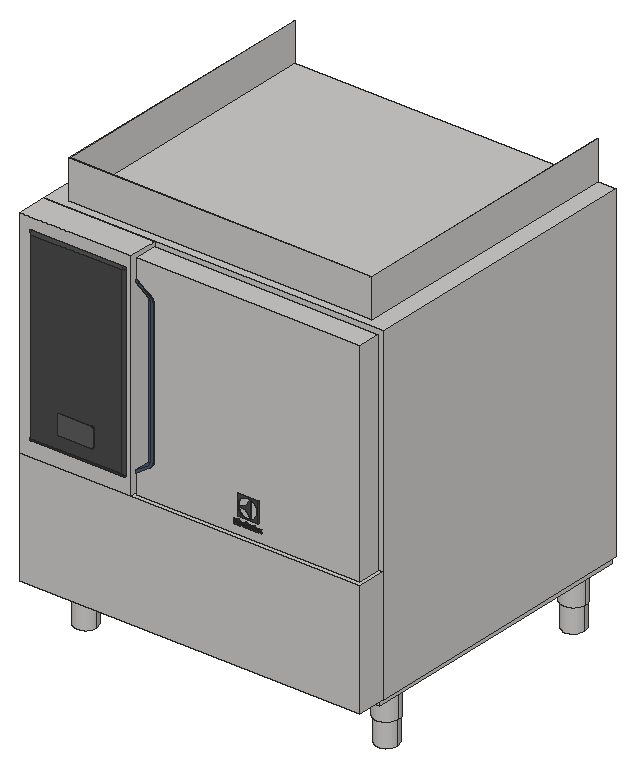
Revit family "QF_ELECTROLUXPROFESSIONAL_725528_EBFA61WET", category Specialty Equipment, Revit 2023 (continued)
Automatic sketch dimensions
  Split face 48 sketch curve to Extrusion 9 = 71.703 mm
  Split face 48 sketch curve to Extrusion 9 = 377.596 mm
  Split face 48 sketch curve to Split face 48 sketch curve = 110.015 mm
  Split face 48 sketch curve to Split face 48 sketch curve = 5.027 mm
  Split face 49 sketch curve to Extrusion 9 = 62.231 mm
  Split face 49 sketch curve to Extrusion 9 = 377.596 mm
  Split face 49 sketch curve to Split face 49 sketch curve = 110.015 mm
  Split face 49 sketch curve to Split face 49 sketch curve = 5.027 mm
  Split face 50 sketch curve to Extrusion 9 = 52.758 mm
  Split face 50 sketch curve to Extrusion 9 = 377.596 mm
  Split face 50 sketch curve to Extrusion 9 = 47.731 mm
  Split face 50 sketch curve to Split face 50 sketch curve = 110.015 mm
  Split face 51 sketch curve to Extrusion 9 = 43.286 mm
  Split face 51 sketch curve to Extrusion 9 = 377.596 mm
  Split face 51 sketch curve to Extrusion 9 = 38.259 mm
  Split face 51 sketch curve to Split face 51 sketch curve = 110.015 mm
  Split face 52 sketch curve to Extrusion 9 = 33.814 mm
  Split face 52 sketch curve to Extrusion 9 = 377.596 mm
  Split face 52 sketch curve to Extrusion 9 = 28.787 mm
  Split face 52 sketch curve to Split face 52 sketch curve = 110.015 mm
  Split face 53 sketch curve to Extrusion 9 = 31.361 mm
  Split face 53 sketch curve to Extrusion 9 = 262.581 mm
  Split face 53 sketch curve to Extrusion 9 = 36.388 mm
  Split face 53 sketch curve to Split face 53 sketch curve = 110.015 mm
  Split face 54 sketch curve to Extrusion 9 = 40.833 mm
  Split face 54 sketch curve to Extrusion 9 = 262.581 mm
  Split face 54 sketch curve to Extrusion 9 = 45.86 mm
  Split face 54 sketch curve to Split face 54 sketch curve = 110.015 mm
  Split face 55 sketch curve to Extrusion 9 = 50.305 mm
  Split face 55 sketch curve to Extrusion 9 = 262.581 mm
  Split face 55 sketch curve to Split face 55 sketch curve = 110.015 mm
  Split face 55 sketch curve to Split face 55 sketch curve = 5.027 mm
  Split face 56 sketch curve to Extrusion 9 = 59.777 mm
  Split face 56 sketch curve to Extrusion 9 = 262.581 mm
  Split face 56 sketch curve to Split face 56 sketch curve = 110.015 mm
  Split face 56 sketch curve to Split face 56 sketch curve = 5.027 mm
  Split face 57 sketch curve to Extrusion 9 = 69.25 mm
  Split face 57 sketch curve to Extrusion 9 = 262.581 mm
  Split face 57 sketch curve to Split face 57 sketch curve = 110.015 mm
  Split face 57 sketch curve to Split face 57 sketch curve = 5.027 mm
  Split face 58 sketch curve to Extrusion 9 = 78.722 mm
  Split face 58 sketch curve to Extrusion 9 = 262.581 mm
  Split face 58 sketch curve to Split face 58 sketch curve = 110.015 mm
  Split face 58 sketch curve to Split face 58 sketch curve = 5.027 mm
  Split face 59 sketch curve to Extrusion 9 = 88.194 mm
  Split face 59 sketch curve to Extrusion 9 = 262.581 mm
  Split face 59 sketch curve to Split face 59 sketch curve = 110.015 mm
  Split face 59 sketch curve to Split face 59 sketch curve = 5.027 mm
  Split face 60 sketch curve to Extrusion 9 = 97.666 mm
  Split face 60 sketch curve to Extrusion 9 = 262.581 mm
  Split face 60 sketch curve to Split face 60 sketch curve = 110.015 mm
  Split face 60 sketch curve to Split face 60 sketch curve = 5.027 mm
  Split face 61 sketch curve to Extrusion 9 = 107.138 mm
  Split face 61 sketch curve to Extrusion 9 = 262.581 mm
  Split face 61 sketch curve to Split face 61 sketch curve = 110.015 mm
  Split face 61 sketch curve to Split face 61 sketch curve = 5.027 mm
  Split face 62 sketch curve to Extrusion 9 = 116.611 mm
  Split face 62 sketch curve to Extrusion 9 = 262.581 mm
  Split face 62 sketch curve to Split face 62 sketch curve = 110.015 mm
  Split face 62 sketch curve to Split face 62 sketch curve = 5.027 mm
  Split face 63 sketch curve to Extrusion 9 = 126.083 mm
  Split face 63 sketch curve to Extrusion 9 = 262.581 mm
  Split face 63 sketch curve to Split face 63 sketch curve = 110.015 mm
  Split face 63 sketch curve to Split face 63 sketch curve = 5.027 mm
  Split face 64 sketch curve to Extrusion 9 = 262.581 mm
  Split face 64 sketch curve to Split face 64 sketch curve = 110.015 mm
  Split face 64 sketch curve to Extrusion 9 = 135.555 mm
  Split face 64 sketch curve to Split face 64 sketch curve = 5.027 mm
  Split face 65 sketch curve to Extrusion 9 = 262.581 mm
  Split face 65 sketch curve to Split face 65 sketch curve = 110.015 mm
  Split face 65 sketch curve to Extrusion 9 = 145.027 mm
  Split face 65 sketch curve to Split face 65 sketch curve = 5.027 mm
  Split face 66 sketch curve to Extrusion 9 = 262.581 mm
  Split face 66 sketch curve to Split face 66 sketch curve = 110.015 mm
  Split face 66 sketch curve to Extrusion 9 = 147.48 mm
  Split face 66 sketch curve to Split face 66 sketch curve = 5.027 mm
  Split face 67 sketch curve to Extrusion 9 = 262.581 mm
  Split face 67 sketch curve to Split face 67 sketch curve = 110.015 mm
  Split face 67 sketch curve to Extrusion 9 = 138.008 mm
  Split face 67 sketch curve to Split face 67 sketch curve = 5.027 mm
  Split face 68 sketch curve to Extrusion 9 = 128.536 mm
  Split face 68 sketch curve to Extrusion 9 = 262.581 mm
  Split face 68 sketch curve to Split face 68 sketch curve = 110.015 mm
  Split face 68 sketch curve to Split face 68 sketch curve = 5.027 mm
  Split face 69 sketch curve to Extrusion 9 = 119.064 mm
  Split face 69 sketch curve to Extrusion 9 = 262.581 mm
  Split face 69 sketch curve to Split face 69 sketch curve = 110.015 mm
  Split face 69 sketch curve to Split face 69 sketch curve = 5.027 mm
  Split face 70 sketch curve to Extrusion 9 = 109.592 mm
  Split face 70 sketch curve to Extrusion 9 = 262.581 mm
  Split face 70 sketch curve to Split face 70 sketch curve = 110.015 mm
  Split face 70 sketch curve to Split face 70 sketch curve = 5.027 mm
  Split face 71 sketch curve to Extrusion 9 = 100.119 mm
  Split face 71 sketch curve to Extrusion 9 = 262.581 mm
  Split face 71 sketch curve to Split face 71 sketch curve = 110.015 mm
  Split face 71 sketch curve to Split face 71 sketch curve = 5.027 mm
  Split face 72 sketch curve to Extrusion 9 = 90.647 mm
  Split face 72 sketch curve to Extrusion 9 = 262.581 mm
  Split face 72 sketch curve to Split face 72 sketch curve = 110.015 mm
  Split face 72 sketch curve to Split face 72 sketch curve = 5.027 mm
  Split face 73 sketch curve to Extrusion 9 = 81.175 mm
  Split face 73 sketch curve to Extrusion 9 = 262.581 mm
  Split face 73 sketch curve to Split face 73 sketch curve = 110.015 mm
  Split face 73 sketch curve to Split face 73 sketch curve = 5.027 mm
  Split face 74 sketch curve to Extrusion 9 = 71.703 mm
  Split face 74 sketch curve to Extrusion 9 = 262.581 mm
  Split face 74 sketch curve to Split face 74 sketch curve = 110.015 mm
  Split face 74 sketch curve to Split face 74 sketch curve = 5.027 mm
  Split face 75 sketch curve to Extrusion 9 = 62.231 mm
  Split face 75 sketch curve to Extrusion 9 = 262.581 mm
  Split face 75 sketch curve to Split face 75 sketch curve = 110.015 mm
  Split face 75 sketch curve to Split face 75 sketch curve = 5.027 mm
  Split face 76 sketch curve to Extrusion 9 = 52.758 mm
  Split face 76 sketch curve to Extrusion 9 = 262.581 mm
  Split face 76 sketch curve to Extrusion 9 = 47.731 mm
  Split face 76 sketch curve to Split face 76 sketch curve = 110.015 mm
  Split face 77 sketch curve to Extrusion 9 = 43.286 mm
  Split face 77 sketch curve to Extrusion 9 = 262.581 mm
  Split face 77 sketch curve to Extrusion 9 = 38.259 mm
  Split face 77 sketch curve to Split face 77 sketch curve = 110.015 mm
  Split face 78 sketch curve to Extrusion 9 = 33.814 mm
  Split face 78 sketch curve to Extrusion 9 = 262.581 mm
  Split face 78 sketch curve to Extrusion 9 = 28.787 mm
  Split face 78 sketch curve to Split face 78 sketch curve = 110.015 mm
  Split face 79 sketch curve to Extrusion 9 = 31.361 mm
  Split face 79 sketch curve to Extrusion 9 = 147.565 mm
  Split face 79 sketch curve to Extrusion 9 = 36.388 mm
  Split face 79 sketch curve to Split face 79 sketch curve = 110.015 mm
  Split face 80 sketch curve to Extrusion 9 = 40.833 mm
  Split face 80 sketch curve to Extrusion 9 = 147.565 mm
  Split face 80 sketch curve to Extrusion 9 = 45.86 mm
  Split face 80 sketch curve to Split face 80 sketch curve = 110.015 mm
  Split face 81 sketch curve to Extrusion 9 = 50.305 mm
  Split face 81 sketch curve to Extrusion 9 = 147.565 mm
  Split face 81 sketch curve to Split face 81 sketch curve = 110.015 mm
  Split face 81 sketch curve to Split face 81 sketch curve = 5.027 mm
  Split face 82 sketch curve to Extrusion 9 = 59.777 mm
  Split face 82 sketch curve to Extrusion 9 = 147.565 mm
  Split face 82 sketch curve to Split face 82 sketch curve = 110.015 mm
  Split face 82 sketch curve to Split face 82 sketch curve = 5.027 mm
  Split face 83 sketch curve to Extrusion 9 = 69.25 mm
  Split face 83 sketch curve to Extrusion 9 = 147.565 mm
  Split face 83 sketch curve to Split face 83 sketch curve = 110.015 mm
  Split face 83 sketch curve to Split face 83 sketch curve = 5.027 mm
  Split face 84 sketch curve to Extrusion 9 = 147.565 mm
  Split face 84 sketch curve to Split face 84 sketch curve = 110.015 mm
  Split face 84 sketch curve to Extrusion 9 = 78.722 mm
  Split face 84 sketch curve to Split face 84 sketch curve = 5.027 mm
  Split face 85 sketch curve to Extrusion 9 = 147.565 mm
  Split face 85 sketch curve to Split face 85 sketch curve = 110.015 mm
  Split face 85 sketch curve to Extrusion 9 = 88.194 mm
  Split face 85 sketch curve to Split face 85 sketch curve = 5.027 mm
  Split face 86 sketch curve to Extrusion 9 = 147.565 mm
  Split face 86 sketch curve to Split face 86 sketch curve = 110.015 mm
  Split face 86 sketch curve to Extrusion 9 = 97.666 mm
  Split face 86 sketch curve to Split face 86 sketch curve = 5.027 mm
  Split face 87 sketch curve to Extrusion 9 = 147.565 mm
  Split face 87 sketch curve to Split face 87 sketch curve = 110.015 mm
  Split face 87 sketch curve to Extrusion 9 = 107.138 mm
  Split face 87 sketch curve to Split face 87 sketch curve = 5.027 mm
  Split face 88 sketch curve to Extrusion 9 = 147.565 mm
  Split face 88 sketch curve to Split face 88 sketch curve = 110.015 mm
  Split face 88 sketch curve to Extrusion 9 = 116.611 mm
  Split face 88 sketch curve to Split face 88 sketch curve = 5.027 mm
  Split face 89 sketch curve to Extrusion 9 = 147.565 mm
  Split face 89 sketch curve to Split face 89 sketch curve = 110.015 mm
  Split face 89 sketch curve to Extrusion 9 = 126.083 mm
  Split face 89 sketch curve to Split face 89 sketch curve = 5.027 mm
  Split face 90 sketch curve to Extrusion 9 = 147.565 mm
  Split face 90 sketch curve to Split face 90 sketch curve = 110.015 mm
  Split face 90 sketch curve to Extrusion 9 = 135.555 mm
  Split face 90 sketch curve to Split face 90 sketch curve = 5.027 mm
  Split face 91 sketch curve to Extrusion 9 = 147.565 mm
  Split face 91 sketch curve to Split face 91 sketch curve = 110.015 mm
  Split face 91 sketch curve to Extrusion 9 = 145.027 mm
  Split face 91 sketch curve to Split face 91 sketch curve = 5.027 mm
  Split face 92 sketch curve to Extrusion 9 = 147.565 mm
  Split face 92 sketch curve to Split face 92 sketch curve = 110.015 mm
  Split face 92 sketch curve to Extrusion 9 = 147.48 mm
  Split face 92 sketch curve to Split face 92 sketch curve = 5.027 mm
  Split face 93 sketch curve to Extrusion 9 = 147.565 mm
  Split face 93 sketch curve to Split face 93 sketch curve = 110.015 mm
  Split face 93 sketch curve to Extrusion 9 = 138.008 mm
  Split face 93 sketch curve to Split face 93 sketch curve = 5.027 mm
  Split face 94 sketch curve to Extrusion 9 = 147.565 mm
  Split face 94 sketch curve to Split face 94 sketch curve = 110.015 mm
  Split face 94 sketch curve to Extrusion 9 = 128.536 mm
  Split face 94 sketch curve to Split face 94 sketch curve = 5.027 mm
  Split face 95 sketch curve to Extrusion 9 = 147.565 mm
  Split face 95 sketch curve to Split face 95 sketch curve = 110.015 mm
  Split face 95 sketch curve to Extrusion 9 = 119.064 mm
  Split face 95 sketch curve to Split face 95 sketch curve = 5.027 mm
  Split face 96 sketch curve to Extrusion 9 = 147.565 mm
  Split face 96 sketch curve to Split face 96 sketch curve = 110.015 mm
  Split face 96 sketch curve to Extrusion 9 = 109.592 mm
  Split face 96 sketch curve to Split face 96 sketch curve = 5.027 mm
  Split face 97 sketch curve to Extrusion 9 = 147.565 mm
  Split face 97 sketch curve to Split face 97 sketch curve = 110.015 mm
  Split face 97 sketch curve to Extrusion 9 = 100.119 mm
  Split face 97 sketch curve to Split face 97 sketch curve = 5.027 mm
  Split face 98 sketch curve to Extrusion 9 = 147.565 mm
  Split face 98 sketch curve to Split face 98 sketch curve = 110.015 mm
  Split face 98 sketch curve to Extrusion 9 = 90.647 mm
  Split face 98 sketch curve to Split face 98 sketch curve = 5.027 mm
  Split face 99 sketch curve to Extrusion 9 = 147.565 mm
  Split face 99 sketch curve to Split face 99 sketch curve = 110.015 mm
  Split face 99 sketch curve to Extrusion 9 = 81.175 mm
  Split face 99 sketch curve to Split face 99 sketch curve = 5.027 mm
  Split face 100 sketch curve to Extrusion 9 = 71.703 mm
  Split face 100 sketch curve to Extrusion 9 = 147.565 mm
  Split face 100 sketch curve to Split face 100 sketch curve = 110.015 mm
  Split face 100 sketch curve to Split face 100 sketch curve = 5.027 mm
  Split face 101 sketch curve to Extrusion 9 = 62.231 mm
  Split face 101 sketch curve to Extrusion 9 = 147.565 mm
  Split face 101 sketch curve to Split face 101 sketch curve = 110.015 mm
  Split face 101 sketch curve to Split face 101 sketch curve = 5.027 mm
  Split face 102 sketch curve to Extrusion 9 = 52.758 mm
  Split face 102 sketch curve to Extrusion 9 = 147.565 mm
  Split face 102 sketch curve to Extrusion 9 = 47.731 mm
  Split face 102 sketch curve to Split face 102 sketch curve = 110.015 mm
  Split face 103 sketch curve to Extrusion 9 = 43.286 mm
  Split face 103 sketch curve to Extrusion 9 = 147.565 mm
  Split face 103 sketch curve to Extrusion 9 = 38.259 mm
  Split face 103 sketch curve to Split face 103 sketch curve = 110.015 mm
  Split face 104 sketch curve to Extrusion 9 = 33.814 mm
  Split face 104 sketch curve to Extrusion 9 = 147.565 mm
  Split face 104 sketch curve to Extrusion 9 = 28.787 mm
  Split face 104 sketch curve to Split face 104 sketch curve = 110.015 mm
  Split face 105 sketch curve to Extrusion 9 = 32.55 mm
  Split face 105 sketch curve to Extrusion 9 = 36.388 mm
  Split face 105 sketch curve to Split face 105 sketch curve = 110.015 mm
  Split face 105 sketch curve to Split face 105 sketch curve = 5.027 mm
  Split face 106 sketch curve to Extrusion 9 = 32.55 mm
  Split face 106 sketch curve to Extrusion 9 = 45.86 mm
  Split face 106 sketch curve to Split face 106 sketch curve = 110.015 mm
  Split face 106 sketch curve to Split face 106 sketch curve = 5.027 mm
  Split face 107 sketch curve to Extrusion 9 = 32.55 mm
  Split face 107 sketch curve to Split face 107 sketch curve = 110.015 mm
  Split face 107 sketch curve to Extrusion 9 = 50.305 mm
  Split face 107 sketch curve to Split face 107 sketch curve = 5.027 mm
  Split face 108 sketch curve to Extrusion 9 = 32.55 mm
  Split face 108 sketch curve to Split face 108 sketch curve = 110.015 mm
  Split face 108 sketch curve to Extrusion 9 = 59.777 mm
  Split face 108 sketch curve to Split face 108 sketch curve = 5.027 mm
  Split face 109 sketch curve to Extrusion 9 = 32.55 mm
  Split face 109 sketch curve to Split face 109 sketch curve = 110.015 mm
  Split face 109 sketch curve to Extrusion 9 = 69.25 mm
  Split face 109 sketch curve to Split face 109 sketch curve = 5.027 mm
  Split face 110 sketch curve to Extrusion 9 = 32.55 mm
  Split face 110 sketch curve to Split face 110 sketch curve = 110.015 mm
  Split face 110 sketch curve to Extrusion 9 = 78.722 mm
  Split face 110 sketch curve to Split face 110 sketch curve = 5.027 mm
  Split face 111 sketch curve to Extrusion 9 = 32.55 mm
  Split face 111 sketch curve to Split face 111 sketch curve = 110.015 mm
  Split face 111 sketch curve to Extrusion 9 = 88.194 mm
  Split face 111 sketch curve to Split face 111 sketch curve = 5.027 mm
  Split face 112 sketch curve to Extrusion 9 = 32.55 mm
  Split face 112 sketch curve to Split face 112 sketch curve = 110.015 mm
  Split face 112 sketch curve to Extrusion 9 = 97.666 mm
  Split face 112 sketch curve to Split face 112 sketch curve = 5.027 mm
  Split face 113 sketch curve to Extrusion 9 = 32.55 mm
  Split face 113 sketch curve to Split face 113 sketch curve = 110.015 mm
  Split face 113 sketch curve to Extrusion 9 = 107.138 mm
  Split face 113 sketch curve to Split face 113 sketch curve = 5.027 mm
  Split face 114 sketch curve to Extrusion 9 = 32.55 mm
  Split face 114 sketch curve to Split face 114 sketch curve = 110.015 mm
  Split face 114 sketch curve to Extrusion 9 = 116.611 mm
  Split face 114 sketch curve to Split face 114 sketch curve = 5.027 mm
  Split face 115 sketch curve to Extrusion 9 = 32.55 mm
  Split face 115 sketch curve to Split face 115 sketch curve = 110.015 mm
  Split face 115 sketch curve to Extrusion 9 = 126.083 mm
  Split face 115 sketch curve to Split face 115 sketch curve = 5.027 mm
  Split face 116 sketch curve to Extrusion 9 = 32.55 mm
  Split face 116 sketch curve to Split face 116 sketch curve = 110.015 mm
  Split face 116 sketch curve to Extrusion 9 = 135.555 mm
  Split face 116 sketch curve to Split face 116 sketch curve = 5.027 mm
  Split face 117 sketch curve to Extrusion 9 = 32.55 mm
  Split face 117 sketch curve to Split face 117 sketch curve = 110.015 mm
  Split face 117 sketch curve to Extrusion 9 = 145.027 mm
  Split face 117 sketch curve to Split face 117 sketch curve = 5.027 mm
  Split face 118 sketch curve to Extrusion 9 = 32.55 mm
  Split face 118 sketch curve to Split face 118 sketch curve = 110.015 mm
  Split face 118 sketch curve to Extrusion 9 = 147.48 mm
  Split face 118 sketch curve to Split face 118 sketch curve = 5.027 mm
  Split face 119 sketch curve to Extrusion 9 = 32.55 mm
  Split face 119 sketch curve to Split face 119 sketch curve = 110.015 mm
  Split face 119 sketch curve to Extrusion 9 = 138.008 mm
  Split face 119 sketch curve to Split face 119 sketch curve = 5.027 mm
  Split face 120 sketch curve to Extrusion 9 = 32.55 mm
  Split face 120 sketch curve to Split face 120 sketch curve = 110.015 mm
  Split face 120 sketch curve to Extrusion 9 = 128.536 mm
  Split face 120 sketch curve to Split face 120 sketch curve = 5.027 mm
  Split face 121 sketch curve to Extrusion 9 = 32.55 mm
  Split face 121 sketch curve to Split face 121 sketch curve = 110.015 mm
  Split face 121 sketch curve to Extrusion 9 = 119.064 mm
  Split face 121 sketch curve to Split face 121 sketch curve = 5.027 mm
  Split face 122 sketch curve to Extrusion 9 = 32.55 mm
  Split face 122 sketch curve to Split face 122 sketch curve = 110.015 mm
  Split face 122 sketch curve to Extrusion 9 = 109.592 mm
  Split face 122 sketch curve to Split face 122 sketch curve = 5.027 mm
  Split face 123 sketch curve to Extrusion 9 = 32.55 mm
  Split face 123 sketch curve to Split face 123 sketch curve = 110.015 mm
  Split face 123 sketch curve to Extrusion 9 = 100.119 mm
  Split face 123 sketch curve to Split face 123 sketch curve = 5.027 mm
  Split face 124 sketch curve to Extrusion 9 = 32.55 mm
  Split face 124 sketch curve to Split face 124 sketch curve = 110.015 mm
  Split face 124 sketch curve to Extrusion 9 = 90.647 mm
  Split face 124 sketch curve to Split face 124 sketch curve = 5.027 mm
  Split face 125 sketch curve to Extrusion 9 = 32.55 mm
  Split face 125 sketch curve to Split face 125 sketch curve = 110.015 mm
  Split face 125 sketch curve to Extrusion 9 = 81.175 mm
  Split face 125 sketch curve to Split face 125 sketch curve = 5.027 mm
  Split face 126 sketch curve to Extrusion 9 = 32.55 mm
  Split face 126 sketch curve to Split face 126 sketch curve = 110.015 mm
  Split face 126 sketch curve to Extrusion 9 = 71.703 mm
  Split face 126 sketch curve to Split face 126 sketch curve = 5.027 mm
  Split face 127 sketch curve to Extrusion 9 = 32.55 mm
  Split face 127 sketch curve to Split face 127 sketch curve = 110.015 mm
  Split face 127 sketch curve to Extrusion 9 = 62.231 mm
  Split face 127 sketch curve to Split face 127 sketch curve = 5.027 mm
  Split face 128 sketch curve to Extrusion 9 = 32.55 mm
  Split face 128 sketch curve to Extrusion 9 = 47.731 mm
  Split face 128 sketch curve to Split face 128 sketch curve = 110.015 mm
  Split face 128 sketch curve to Split face 128 sketch curve = 5.027 mm
  Split face 129 sketch curve to Extrusion 9 = 32.55 mm
  Split face 129 sketch curve to Extrusion 9 = 38.259 mm
  Split face 129 sketch curve to Split face 129 sketch curve = 110.015 mm
  Split face 129 sketch curve to Split face 129 sketch curve = 5.027 mm
  Split face 130 sketch curve to Extrusion 9 = 32.55 mm
  Split face 130 sketch curve to Extrusion 9 = 28.787 mm
  Split face 130 sketch curve to Split face 130 sketch curve = 110.015 mm
  Split face 130 sketch curve to Split face 130 sketch curve = 5.027 mm
  Extrusion 12 sketch curve to plane 5 "BACK" = 0 mm  (x2)
  Extrusion 12 sketch curve to plane 14 = 0 mm  (x2)
  Extrusion 12 sketch curve to plane 3 "Center Y" = 141.58 mm
  Extrusion 12 sketch curve to Extrusion 12 sketch curve = 1.631 mm  (x2)
  Extrusion 12 sketch curve to Extrusion 12 sketch curve = 9.723 mm
  plane 9 to Extrusion 12 sketch curve = 80.967 mm
  plane 9 to Extrusion 12 sketch curve = 72.875 mm
  Extrusion 13 sketch curve to plane 13 "TOP" = 0.005 mm
  plane 7 "FRONT" to Extrusion 13 sketch curve = 0 mm
  plane 15 to Extrusion 13 sketch curve = 47.24 mm
  Extrusion 13 sketch curve to Extrusion 13 sketch curve = 8.487 mm
  Extrusion 13 sketch curve to Extrusion 13 sketch curve = 8.95 mm
  Extrusion 13 sketch curve to Extrusion 13 sketch curve = 10.513 mm
  Extrusion 13 sketch curve to Extrusion 13 sketch curve = 20 mm
  Extrusion 13 sketch curve to Extrusion 13 sketch curve = 35.79 mm
  Extrusion 13 sketch curve to Extrusion 13 sketch curve = 36.253 mm
  Extrusion 13 sketch curve to Extrusion 13 sketch curve = 51.135 mm
  Extrusion 13 sketch curve to Extrusion 13 sketch curve = 24.082 mm
  Extrusion 13 sketch curve to Extrusion 13 sketch curve = 374.913 mm
  Extrusion 13 sketch curve to Extrusion 13 sketch curve = 23.723 mm
  plane 8 to Extrusion 13 sketch curve = 332.497 mm
  Extrusion 14 sketch curve to Extrusion 13 = 0 mm  (x6)
  Extrusion 13 to Extrusion 14 sketch curve = 0 mm  (x2)
  Extrusion 13 to Extrusion 14 sketch curve = 8.487 mm
  Extrusion 13 to Extrusion 14 sketch curve = 8.95 mm
  Extrusion 14 sketch curve to Extrusion 14 sketch curve = 11.05 mm
  Extrusion 15 sketch curve to Extrusion 15 sketch curve = 0 mm  (x2)
  Extrusion 15 sketch curve to Extrusion 13 = 0 mm  (x5)
  Extrusion 13 to Extrusion 15 sketch curve = 2.5 mm  (x2)
  Extrusion 15 sketch curve to Extrusion 15 sketch curve = 13.5 mm
  Extrusion 13 to Extrusion 15 sketch curve = 12.541 mm
  Extrusion 15 sketch curve to Extrusion 15 sketch curve = 5.583 mm
  Extrusion 15 sketch curve to Extrusion 15 sketch curve = 3.591 mm
  Extrusion 15 sketch curve to Extrusion 15 sketch curve = 3.597 mm
  Extrusion 15 sketch curve to Extrusion 15 sketch curve = 6.141 mm
  Extrusion 15 sketch curve to Extrusion 15 sketch curve = 6.143 mm
  Extrusion 16 sketch curve to plane 7 "FRONT" = 0 mm
  plane 15 to Extrusion 16 sketch curve = 2.5 mm
  Extrusion 16 sketch curve to plane 11 = 2 mm
  Extrusion 16 sketch curve to plane 6 "RIGHT" = 21.029 mm
  plane 7 "FRONT" to Extrusion 16 sketch curve = 16.966 mm
  curve 15 to plane 7 "FRONT" = 0 mm
  curve 3 to plane 6 "RIGHT" = 0 mm
  curve 17 to plane 7 "FRONT" = 0 mm
  curve 10 to plane 5 "BACK" = 0 mm
  curve 10 to plane 14 = 0 mm
  curve 2 to plane 4 "LEFT" = 0 mm
  plane 15 to curve 15 = 2.5 mm
  plane 6 "RIGHT" to curve 15 = 6 mm
  curve 14 to plane 6 "RIGHT" = 21.029 mm
  curve 16 to plane 11 = 2 mm
  curve 10 to plane 3 "Center Y" = 151.303 mm
  curve 6 to plane 7 "FRONT" = 5 mm
  curve 6 to plane 3 "Center Y" = 176 mm
  plane 9 to curve 8 = 80.967 mm
  plane 9 to curve 12 = 22.5 mm
  plane 9 to curve 13 = 1.5 mm
  curve 5 to plane 9 = 17.5 mm
  curve 13 to curve 13 = 29 mm
  plane 7 "FRONT" to curve 14 = 16.966 mm
  curve 10 to curve 9 = 8.092 mm
  curve 6 to curve 5 = 8 mm
  curve 8 to curve 12 = 50.375 mm
  curve 5 to curve 7 = 8 mm
  Extrusion 17 sketch curve to plane 5 "BACK" = 0 mm  (x2)
  Extrusion 17 sketch curve to plane 9 = 3 mm
  Extrusion 17 sketch curve to plane 9 = 1 mm
  plane 11 to Extrusion 17 sketch curve = 1 mm
  Extrusion 17 sketch curve to Extrusion 17 sketch curve = 2 mm  (x2)
  Extrusion 17 sketch curve to plane 12 = 49 mm
  radius of Extrusion 5 sketch curve = 10.5 mm
  radius of Extrusion 6 sketch curve to Extrusion 2 = 0 mm
  radius of Extrusion 7 sketch curve to Extrusion 2 = 0 mm
  radius of Extrusion 7 sketch curve to Extrusion 2 = 6.5 mm
  radius of Extrusion 11 sketch curve = 9.5 mm
  radius of Extrusion 14 sketch curve to Extrusion 13 = 0 mm
  radius of Extrusion 15 sketch curve to Extrusion 13 = 0 mm
  radius of Extrusion 15 sketch curve to Extrusion 13 = 6.5 mm
Nested families
  nested 1: "Foot_Complete" at (-708, -142.149, 0), type "Foot_Complete"
    with H 130 mm
  nested 2: "Foot_Complete" at (85, -142.149, 0), type "Foot_Complete"
    with H 130 mm
  nested 3: "Foot_Complete" at (85, 473.851, 0), type "Foot_Complete"
    with H 130 mm
  nested 4: "Foot_Complete" at (-708, 473.851, 0), type "Foot_Complete"
    with H 130 mm
  nested 5: "ELX_Logo_S_New" at (-157.603, -295.149, 492.497) x (1, 0, 0) z (0, -1, 0), visible <- "Show Logo", type "ELX_Logo_S_New"
    with M QF_Finishes_Black
  nested 6: "ELX_Logo_Symbol" at (-157.603, -295.149, 532.497) x (-1, 0, 0) z (0, -1, 0), visible <- "Show Logo", type "ELX_Logo_Symbol"
    with M QF_Finishes_Black
  nested 7: "ELX_Touch" at (-606.5, -295.149, 741.265) x (1, 0, 0) z (0, -1, 0), type "ELX_Touch"
Connectors
  electrical at (-696, 577.851, 258), driven by "Volts"
    settings: on Extrusion 5, index 5, voltage 380 V, apparent load 0 VA, apparent load phase1 0 VA, apparent load phase2 0 VA, apparent load phase3 0 VA, power factor 1, load classification "Altro", number of poles 1, system type 30, power factor state 1, is connector primary yes, connector utility no, sub classification motor no, connector description "Electrical Connection"
  piping at (-360, 215.851, 98.32), diameter 19
    settings: on cut or joined group of Extrusion 1, Extrusion 3, Extrusion 4, Extrusion 5, Extrusion 10, Extrusion 11, Extrusion 12, index 6, connector inside diameter 609.6 mm, connector length 0 mm, flow factor 0, pipe flow 0.0 L/s, pressure drop 0.0 Pa, fitting loss kfactor 0, connector angle 0.00°, fixture units 0, engagement length 0 mm, angle of deflection 0.00°, flow configuration 1, flow direction 2, fitting loss method 0, system type 16, joint type 0, gender type 0, connector reference index -1, connector utility 0, adjustable connector no, is connector primary yes, connector description "Drain"
Definition of nested family "Foot_Complete"
  Parameters
    R = 32 mm
    H = 150 mm
    Default Elevation = 0 mm
  Reference planes
    plane 1 "Centro (Fronte/Retro)": y = 0
    plane 2: z = 0
    plane 3 "Centro (Sinistra/Destra)": x = 0
    plane 4: z = 150
  Forms (mm)
    Revolve 1, solid
      sketch origin (255.05, 0, 608.09) x (0, 0, 1) y (-1, 0, 0)
        loop
          line (-608.09, 255.05) -> (-608.09, 226.55) -> (-544.09, 226.55) -> (-544.09, 223.05) -> (-458.09, 223.05) -> (-458.09, 255.05) -> (-608.09, 255.05)
        axis (-608.09, 255.05) -> (-458.09, 255.05)
      angle from 0 to 360
  Dimensions and locks
    locked: level to Revolve 1 sketch curve at 64
    "R": Revolve 1 sketch curve to plane 3 "Centro (Sinistra/Destra)"
    "H": plane 4 to level
    aligned and locked: level to plane 2
    aligned and locked: plane 4 to Revolve 1 sketch curve
    aligned and locked: Revolve 1 sketch curve to level
    aligned and locked: plane 3 "Centro (Sinistra/Destra)" to Revolve 1 sketch curve
  Automatic sketch dimensions
    Revolve 1 sketch curve to plane 3 "Centro (Sinistra/Destra)" = 0 mm
    plane 3 "Centro (Sinistra/Destra)" to Revolve 1 sketch curve = 28.5 mm
    Revolve 1 sketch curve to Revolve 1 sketch curve = 50 mm
    Revolve 1 sketch curve to Revolve 1 sketch curve = 20 mm
Definition of nested family "ELX_Logo_S_New"
  Parameters
    Default Elevation = 0 mm
    M [instance] = none
  Reference planes
    plane 1 "Centro (Fronte/Retro)": y = 0
    plane 2: z = 0
    plane 3 "Centro (Sinistra/Destra)": x = 0
  Forms (mm)
    Extrusion 1, solid
      sketch origin (0, 0, 0) x (1, 0, 0) y (0, 1, 0)
        loop
          line (-1219.2, 1219.2) -> (-1219.2, -1219.2) -> (1219.2, -1219.2) -> (1219.2, 1219.2) -> (-1219.2, 1219.2)
      from 0 to -304.8
    Extrusion 2, solid, material <- "M"
      sketch origin (0, 0, 0) x (1, 0, 0) y (0, 1, 0)
        loop
          spline (-32.537, -4.135) -> (-32.702, -4.128) -> (-32.877, -4.105) -> (-33.059, -4.064) -> (-33.242, -4.002) -> (-33.422, -3.916) -> (-33.593, -3.803) -> (-33.751, -3.66) -> (-33.891, -3.486) -> (-34.008, -3.276) -> (-34.098, -3.029) -> (-34.155, -2.741) -> (-34.176, -2.41)
          line (-34.176, -2.41) -> (-34.176, -0.943) -> (-29.331, -0.943) -> (-29.331, 0.928) -> (-34.176, 0.928) -> (-34.176, 3.652) -> (-29.023, 3.652) -> (-29.023, 5.518) -> (-36.159, 5.518) -> (-36.159, -2.326)
          spline (-36.159, -2.326) -> (-36.142, -2.808) -> (-36.088, -3.263) -> (-35.996, -3.688) -> (-35.867, -4.083) -> (-35.698, -4.445) -> (-35.489, -4.773) -> (-35.239, -5.066) -> (-34.946, -5.322) -> (-34.61, -5.539) -> (-34.23, -5.716) -> (-33.804, -5.851) -> (-33.332, -5.943)
          line (-33.332, -5.943) -> (-32.554, -5.999) -> (-28.885, -5.999) -> (-28.885, -4.135) -> (-32.537, -4.135)
        loop
          line (-27.476, 0.076) -> (-27.476, -6.002) -> (-25.492, -6.002) -> (-25.492, 5.521) -> (-27.476, 5.521) -> (-27.476, 0.076)
        loop
          spline (-15.702, -2.321) -> (-15.689, -1.697) -> (-15.749, -1.094) -> (-15.879, -0.516) -> (-16.078, 0.029) -> (-16.341, 0.538) -> (-16.668, 1.004) -> (-17.055, 1.422) -> (-17.5, 1.786) -> (-17.999, 2.091) -> (-18.552, 2.331) -> (-19.154, 2.5) -> (-19.804, 2.594)
          spline (-19.804, 2.594) -> (-20.422, 2.558) -> (-21.009, 2.453) -> (-21.56, 2.28) -> (-22.072, 2.042) -> (-22.54, 1.743) -> (-22.96, 1.385) -> (-23.327, 0.97) -> (-23.638, 0.502) -> (-23.887, -0.018) -> (-24.07, -0.586) -> (-24.183, -1.2) -> (-24.222, -1.857)
          spline (-24.222, -1.857) -> (-24.184, -2.498) -> (-24.074, -3.097) -> (-23.895, -3.652) -> (-23.651, -4.16) -> (-23.344, -4.618) -> (-22.979, -5.023) -> (-22.559, -5.374) -> (-22.087, -5.667) -> (-21.567, -5.899) -> (-21.003, -6.068) -> (-20.397, -6.172) -> (-19.754, -6.207)
          spline (-19.754, -6.207) -> (-19.44, -6.2) -> (-19.13, -6.176) -> (-18.823, -6.135) -> (-18.52, -6.074) -> (-18.221, -5.993) -> (-17.925, -5.89) -> (-17.634, -5.762) -> (-17.346, -5.609) -> (-17.062, -5.43) -> (-16.782, -5.221) -> (-16.506, -4.983) -> (-16.234, -4.713)
          line (-16.234, -4.713) -> (-17.429, -3.55)
          spline (-17.429, -3.55) -> (-17.587, -3.702) -> (-17.745, -3.841) -> (-17.906, -3.967) -> (-18.07, -4.08) -> (-18.239, -4.181) -> (-18.415, -4.268) -> (-18.599, -4.343) -> (-18.792, -4.404) -> (-18.996, -4.452) -> (-19.213, -4.486) -> (-19.443, -4.506) -> (-19.688, -4.513)
          spline (-19.688, -4.513) -> (-20.047, -4.496) -> (-20.383, -4.443) -> (-20.696, -4.358) -> (-20.984, -4.24) -> (-21.246, -4.092) -> (-21.479, -3.915) -> (-21.683, -3.711) -> (-21.856, -3.48) -> (-21.997, -3.224) -> (-22.104, -2.945) -> (-22.176, -2.643) -> (-22.212, -2.321)
          line (-22.212, -2.321) -> (-15.702, -2.321)
        loop
          spline (-17.695, -0.926) -> (-17.714, -0.681) -> (-17.771, -0.445) -> (-17.861, -0.221) -> (-17.984, -0.01) -> (-18.135, 0.184) -> (-18.314, 0.36) -> (-18.516, 0.516) -> (-18.741, 0.648) -> (-18.984, 0.755) -> (-19.244, 0.834) -> (-19.518, 0.883) -> (-19.804, 0.9)
          spline (-19.804, 0.9) -> (-20.11, 0.884) -> (-20.405, 0.835) -> (-20.686, 0.757) -> (-20.95, 0.652) -> (-21.195, 0.521) -> (-21.419, 0.367) -> (-21.618, 0.192) -> (-21.79, -0.003) -> (-21.934, -0.214) -> (-22.045, -0.439) -> (-22.122, -0.678) -> (-22.162, -0.926)
          line (-22.162, -0.926) -> (-17.695, -0.926)
        loop
          spline (-12.669, -1.807) -> (-12.646, -1.438) -> (-12.58, -1.088) -> (-12.472, -0.759) -> (-12.326, -0.455) -> (-12.145, -0.177) -> (-11.93, 0.072) -> (-11.685, 0.289) -> (-11.412, 0.473) -> (-11.114, 0.62) -> (-10.793, 0.728) -> (-10.453, 0.794) -> (-10.095, 0.817)
          spline (-10.095, 0.817) -> (-9.876, 0.81) -> (-9.665, 0.79) -> (-9.464, 0.756) -> (-9.271, 0.709) -> (-9.086, 0.65) -> (-8.908, 0.578) -> (-8.737, 0.495) -> (-8.572, 0.399) -> (-8.414, 0.292) -> (-8.261, 0.173) -> (-8.113, 0.044) -> (-7.969, -0.096)
          line (-7.969, -0.096) -> (-6.741, 1.183)
          spline (-6.741, 1.183) -> (-6.985, 1.427) -> (-7.237, 1.647) -> (-7.496, 1.843) -> (-7.762, 2.015) -> (-8.034, 2.164) -> (-8.312, 2.291) -> (-8.596, 2.397) -> (-8.886, 2.482) -> (-9.181, 2.546) -> (-9.481, 2.592) -> (-9.786, 2.619) -> (-10.095, 2.627)
          spline (-10.095, 2.627) -> (-10.715, 2.589) -> (-11.308, 2.476) -> (-11.871, 2.294) -> (-12.396, 2.046) -> (-12.88, 1.736) -> (-13.316, 1.369) -> (-13.7, 0.949) -> (-14.026, 0.48) -> (-14.289, -0.035) -> (-14.483, -0.59) -> (-14.604, -1.182) -> (-14.645, -1.807)
          spline (-14.645, -1.807) -> (-14.604, -2.431) -> (-14.483, -3.023) -> (-14.289, -3.578) -> (-14.026, -4.093) -> (-13.7, -4.562) -> (-13.316, -4.983) -> (-12.88, -5.35) -> (-12.396, -5.659) -> (-11.871, -5.907) -> (-11.308, -6.09) -> (-10.715, -6.202) -> (-10.095, -6.24)
          spline (-10.095, -6.24) -> (-9.786, -6.232) -> (-9.481, -6.205) -> (-9.181, -6.16) -> (-8.886, -6.095) -> (-8.596, -6.01) -> (-8.312, -5.904) -> (-8.034, -5.777) -> (-7.762, -5.628) -> (-7.496, -5.456) -> (-7.237, -5.26) -> (-6.985, -5.04) -> (-6.741, -4.796)
          line (-6.741, -4.796) -> (-7.969, -3.517)
          spline (-7.969, -3.517) -> (-8.113, -3.657) -> (-8.261, -3.786) -> (-8.414, -3.905) -> (-8.572, -4.012) -> (-8.737, -4.108) -> (-8.908, -4.192) -> (-9.086, -4.263) -> (-9.271, -4.323) -> (-9.464, -4.369) -> (-9.665, -4.403) -> (-9.876, -4.423) -> (-10.095, -4.43)
          spline (-10.095, -4.43) -> (-10.453, -4.408) -> (-10.793, -4.341) -> (-11.114, -4.233) -> (-11.412, -4.086) -> (-11.685, -3.902) -> (-11.93, -3.685) -> (-12.145, -3.436) -> (-12.326, -3.158) -> (-12.472, -2.854) -> (-12.58, -2.526) -> (-12.646, -2.176) -> (-12.669, -1.807)
        loop
          spline (-1.683, -4.138) -> (-1.858, -4.14) -> (-2.045, -4.127) -> (-2.24, -4.095) -> (-2.438, -4.04) -> (-2.633, -3.959) -> (-2.822, -3.85) -> (-2.998, -3.709) -> (-3.157, -3.533) -> (-3.294, -3.318) -> (-3.404, -3.061) -> (-3.483, -2.76) -> (-3.524, -2.411)
          line (-3.524, -2.411) -> (-3.524, 0.529) -> (-1.72, 0.529) -> (-1.72, 2.331) -> (-3.522, 2.331) -> (-3.522, 5.521) -> (-5.506, 5.521) -> (-5.506, -2.523)
          spline (-5.506, -2.523) -> (-5.463, -2.99) -> (-5.386, -3.429) -> (-5.274, -3.839) -> (-5.126, -4.218) -> (-4.941, -4.564) -> (-4.717, -4.877) -> (-4.455, -5.155) -> (-4.153, -5.396) -> (-3.81, -5.599) -> (-3.425, -5.762) -> (-2.998, -5.884) -> (-2.528, -5.964)
          line (-2.528, -5.964) -> (-1.69, -6.002) -> (-1.683, -4.138)
        loop
          spline (4.991, 2.446) -> (4.648, 2.468) -> (4.318, 2.461) -> (4.001, 2.429) -> (3.699, 2.371) -> (3.413, 2.288) -> (3.142, 2.182) -> (2.89, 2.052) -> (2.655, 1.901) -> (2.439, 1.728) -> (2.244, 1.535) -> (2.069, 1.322) -> (1.917, 1.091)
          line (1.917, 1.091) -> (1.917, 2.33) -> (-0.051, 2.33) -> (-0.051, -6.002) -> (1.917, -6.002) -> (1.917, -1.621)
          spline (1.917, -1.621) -> (1.935, -1.288) -> (1.988, -0.979) -> (2.075, -0.693) -> (2.195, -0.432) -> (2.345, -0.197) -> (2.526, 0.01) -> (2.736, 0.189) -> (2.972, 0.338) -> (3.235, 0.456) -> (3.522, 0.541) -> (3.832, 0.594) -> (4.165, 0.611)
          line (4.165, 0.611) -> (4.991, 0.529) -> (4.991, 2.446)
        loop
          spline (14.388, -1.836) -> (14.347, -1.224) -> (14.226, -0.642) -> (14.031, -0.093) -> (13.768, 0.418) -> (13.441, 0.887) -> (13.057, 1.308) -> (12.621, 1.677) -> (12.137, 1.989) -> (11.612, 2.24) -> (11.051, 2.425) -> (10.459, 2.539) -> (9.842, 2.578)
          spline (9.842, 2.578) -> (9.221, 2.539) -> (8.627, 2.425) -> (8.064, 2.24) -> (7.539, 1.989) -> (7.056, 1.677) -> (6.62, 1.308) -> (6.237, 0.887) -> (5.912, 0.418) -> (5.65, -0.093) -> (5.456, -0.642) -> (5.336, -1.224) -> (5.295, -1.836)
          spline (5.295, -1.836) -> (5.336, -2.447) -> (5.456, -3.029) -> (5.65, -3.578) -> (5.912, -4.089) -> (6.237, -4.558) -> (6.62, -4.979) -> (7.056, -5.348) -> (7.539, -5.66) -> (8.064, -5.911) -> (8.627, -6.096) -> (9.221, -6.211) -> (9.842, -6.25)
          spline (9.842, -6.25) -> (10.459, -6.211) -> (11.051, -6.096) -> (11.612, -5.911) -> (12.137, -5.66) -> (12.621, -5.348) -> (13.057, -4.979) -> (13.441, -4.558) -> (13.768, -4.089) -> (14.031, -3.578) -> (14.226, -3.029) -> (14.347, -2.447) -> (14.388, -1.836)
        loop
          spline (12.42, -1.836) -> (12.397, -1.475) -> (12.33, -1.131) -> (12.222, -0.807) -> (12.075, -0.504) -> (11.893, -0.227) -> (11.677, 0.022) -> (11.431, 0.241) -> (11.157, 0.426) -> (10.859, 0.575) -> (10.538, 0.685) -> (10.198, 0.753) -> (9.842, 0.777)
          spline (9.842, 0.777) -> (9.482, 0.753) -> (9.14, 0.685) -> (8.818, 0.575) -> (8.519, 0.426) -> (8.246, 0.241) -> (8.001, 0.022) -> (7.786, -0.227) -> (7.605, -0.504) -> (7.459, -0.807) -> (7.352, -1.131) -> (7.286, -1.475) -> (7.263, -1.836)
          spline (7.263, -1.836) -> (7.286, -2.196) -> (7.352, -2.54) -> (7.459, -2.865) -> (7.605, -3.167) -> (7.786, -3.444) -> (8.001, -3.694) -> (8.246, -3.912) -> (8.519, -4.098) -> (8.818, -4.247) -> (9.14, -4.357) -> (9.482, -4.425) -> (9.842, -4.448)
          spline (9.842, -4.448) -> (10.198, -4.425) -> (10.538, -4.357) -> (10.859, -4.247) -> (11.157, -4.098) -> (11.431, -3.912) -> (11.677, -3.694) -> (11.893, -3.444) -> (12.075, -3.167) -> (12.222, -2.865) -> (12.33, -2.54) -> (12.397, -2.196) -> (12.42, -1.836)
        loop
          line (15.608, 0.275) -> (15.608, -6.002) -> (17.593, -6.002) -> (17.593, 5.521) -> (15.608, 5.521) -> (15.608, 0.275)
        loop
          line (24.747, 2.33) -> (24.747, -2.513)
          spline (24.747, -2.513) -> (24.731, -2.828) -> (24.685, -3.112) -> (24.61, -3.366) -> (24.507, -3.59) -> (24.38, -3.785) -> (24.229, -3.952) -> (24.056, -4.091) -> (23.863, -4.203) -> (23.652, -4.29) -> (23.425, -4.35) -> (23.183, -4.386) -> (22.928, -4.398)
          spline (22.928, -4.398) -> (22.674, -4.386) -> (22.432, -4.35) -> (22.205, -4.29) -> (21.994, -4.204) -> (21.802, -4.092) -> (21.629, -3.954) -> (21.478, -3.788) -> (21.35, -3.595) -> (21.248, -3.373) -> (21.173, -3.122) -> (21.126, -2.841) -> (21.11, -2.53)
          line (21.11, -2.53) -> (21.11, 2.33) -> (19.11, 2.33) -> (19.11, -2.696)
          spline (19.11, -2.696) -> (19.145, -3.265) -> (19.248, -3.783) -> (19.413, -4.25) -> (19.636, -4.667) -> (19.912, -5.033) -> (20.236, -5.349) -> (20.603, -5.616) -> (21.008, -5.833) -> (21.446, -6.001) -> (21.913, -6.121) -> (22.403, -6.193) -> (22.912, -6.217)
          spline (22.912, -6.217) -> (23.425, -6.193) -> (23.92, -6.12) -> (24.39, -5.998) -> (24.832, -5.828) -> (25.241, -5.607) -> (25.611, -5.337) -> (25.937, -5.016) -> (26.216, -4.645) -> (26.441, -4.222) -> (26.608, -3.749) -> (26.711, -3.223) -> (26.747, -2.646)
          line (26.747, -2.646) -> (26.747, 2.33) -> (24.747, 2.33)
        loop
          line (34.253, -3.337) -> (33.002, -1.588) -> (34.551, 0.523) -> (35.878, 2.33) -> (33.713, 2.33) -> (31.91, -0.166) -> (30.092, 2.33) -> (27.943, 2.33) -> (29.175, 0.645) -> (30.82, -1.604) -> (29.096, -4.004) -> (27.662, -6.002) -> (29.794, -6.002) -> (31.91, -3.059) -> (34.027, -6.002) -> (36.159, -6.002) -> (34.253, -3.337)
      from 0 to 1.644
  Dimensions and locks
    aligned and locked: plane 2 to Extrusion 1
    aligned and locked: level to Extrusion 1
Definition of nested family "ELX_Logo_Symbol"
  Parameters
    Default Elevation = 0 mm
    M [instance] = none
  Reference planes
    plane 1 "Centro (Fronte/Retro)": y = 0
    plane 2: z = 0
    plane 3 "Centro (Sinistra/Destra)": x = 0
  Forms (mm)
    Extrusion 1, solid
      sketch origin (0, 0, 0) x (1, 0, 0) y (0, 1, 0)
        loop
          line (-1219.2, 1219.2) -> (-1219.2, -1219.2) -> (1219.2, -1219.2) -> (1219.2, 1219.2) -> (-1219.2, 1219.2)
      from 0 to -304.8
    Extrusion 2, solid, material <- "M"
      sketch origin (94.462, 558.781, 0) x (1, 0, 0) y (0, 1, 0)
        loop
          line (-101.645, -583.129) -> (-101.645, -534.543)
          arc (-101.645, -534.543) -> (-119.606, -558.836) -> (-101.645, -583.129) r 25.41
        loop
          arc (-99.174, -583.129) -> (-78.968, -578.537) -> (-69.233, -560.244) r 24.902
          line (-69.233, -560.244) -> (-77.271, -560.244)
          arc (-77.271, -560.244) -> (-91.631, -566.073) -> (-99.174, -579.611) r 23.341
          line (-99.174, -579.611) -> (-99.174, -583.129)
        loop
          arc (-99.174, -538.061) -> (-91.631, -551.599) -> (-77.271, -557.427) r 23.341
          line (-77.271, -557.427) -> (-69.233, -557.427)
          arc (-69.233, -557.427) -> (-78.952, -538.984) -> (-99.174, -533.918) r 25.553
          line (-99.174, -533.918) -> (-99.174, -538.061)
        loop
          line (-67.388, -585.781) -> (-67.388, -531.781) -> (-121.462, -531.781) -> (-121.462, -585.781) -> (-67.388, -585.781)
      from 0 to 1.644
  Dimensions and locks
    aligned and locked: plane 2 to Extrusion 1
    aligned and locked: level to Extrusion 1
Definition of nested family "ELX_Touch"
  Parameters
    Default Elevation = 1219.2 mm
  Reference planes
    plane 1 "Centro (Fronte/Retro)": y = 0
    plane 2: z = 0
    plane 3 "Centro (Sinistra/Destra)": x = 0
  Forms (mm)
    Extrusion 1, solid
      sketch origin (0, 0, 0) x (1, 0, 0) y (0, 1, 0)
        loop
          line (-1219.2, 1219.2) -> (-1219.2, -1219.2) -> (1219.2, -1219.2) -> (1219.2, 1219.2) -> (-1219.2, 1219.2)
      from 0 to -304.8
    Extrusion 2, solid
      sketch origin (0, 0, 5) x (1, 0, 0) y (0, 1, 0)
        loop
          line (-47, -160) -> (-47, -202)
          arc (-47, -202) -> (-45.536, -205.535) -> (-42, -207) r 5
          line (-42, -207) -> (42, -207)
          arc (42, -207) -> (45.536, -205.535) -> (47, -202) r 5
          line (47, -202) -> (47, -160)
          arc (47, -160) -> (45.536, -156.465) -> (42, -155) r 5
          line (42, -155) -> (-42, -155)
          arc (-42, -155) -> (-45.536, -156.465) -> (-47, -160) r 5
      from 0 to 2
    Blend 3, solid
      base sketch origin (0, 0, 0) x (1, 0, 0) y (0, 1, 0)
        loop
          line (-127, 244) -> (-127, -244)
          arc (-127, -244) -> (-125.536, -247.536) -> (-122, -249) r 5
          line (-122, -249) -> (122, -249)
          arc (122, -249) -> (125.536, -247.536) -> (127, -244) r 5
          line (127, -244) -> (127, 244)
          arc (127, 244) -> (125.536, 247.536) -> (122, 249) r 5
          line (122, 249) -> (-122, 249)
          arc (-122, 249) -> (-125.536, 247.536) -> (-127, 244) r 5
      top sketch origin (0, 0, 0) x (1, 0, 0) y (0, 1, 0)
        loop
          line (-119, -241) -> (119, -241) -> (119, 241) -> (-119, 241) -> (-119, -241)
      from 0 to 5
  Lines and regions (mm)
    Split face 1
      outline origin (0, 0, 5) x (1, 0, 0) y (0, 1, 0)
        loop
          line (-70.506, 46.167) -> (70.506, 46.167) -> (70.506, 214.829) -> (-70.506, 214.829) -> (-70.506, 46.167)
    Split face 2
      outline origin (0, 0, 5) x (1, 0, 0) y (0, 1, 0)
        loop
          line (-47.467, 50.825) -> (47.467, 50.825) -> (47.467, 210.171) -> (-47.467, 210.171) -> (-47.467, 50.825)
    Split face 3
      outline origin (0, 0, 5) x (1, 0, 0) y (0, 1, 0)
        loop
          line (-70.521, -215.33) -> (70.521, -215.33) -> (70.521, -146.67) -> (-70.521, -146.67) -> (-70.521, -215.33)
    Split face 4
      outline origin (0, 0, 5) x (1, 0, 0) y (0, 1, 0)
        loop
          line (-119, 201.163) -> (-70.506, 201.163)
        loop
          line (70.506, 201.163) -> (119, 201.163)
        loop
          line (70.521, -200.849) -> (119, -200.849)
        loop
          line (-119, -200.849) -> (-70.521, -200.849)
  Dimensions and locks
    aligned and locked: plane 2 to Extrusion 1
    aligned and locked: level to Extrusion 1
